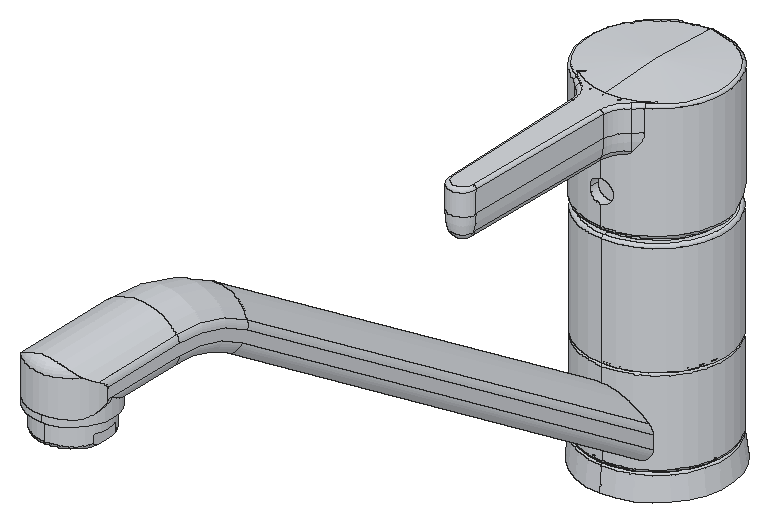
Revit family "Faucet-Kitchen-KOHLER-Viteo-K-45726A_1", category Plumbing Fixtures, host Face, Revit 2017
Family settings
  Host = Face
  Round Connector Dimension = Use Diameter
  Part Type = Normal
  OmniClass Number = 23.31.11.00
  OmniClass Title = Faucets
  Cut with Voids When Loaded = No
  Shared = No
  Room Calculation Point = No
Parameters (values of type "CP-Polished Chrome")
  Width = 1 119/128"  # constant formula
  WaterSense Certified = 1 = 0  # no
  Waste Water Outlet = "Waste Water Outlet"  # constant formula
  Waste Connection = 1 = 0  # no
  Vent Connection = 1 = 0  # no
  URL = "https://www.kohlerasiapacific.com"
  Type = 1
  Spout Reach = 9 27/32"  # constant formula
  Product Page URL = ""
  Product Name = "Viteo"  # constant formula
  Product Documentation Link = ""
  Pressure = 0.00 psi
  Model = "K-45726A-4-CP"  # constant formula
  Material = "Premium Metal Construction"  # constant formula
  Master Format 2014 Name = "Residential Faucets, Supplies, and Trim"  # constant formula
  Master Format 2014 = "22 41 39"  # constant formula
  Manufacturer Address = "No. 158 Jiang Chang San Road, Zhabei District, Shanghai, China"  # constant formula
  Manufacturer = "KOHLER Co."  # constant formula
  Length = Spout Reach  # 9 27/32"
  Hot Water Inlet = "Hot Water Inlet"  # constant formula
  Height = 5 191/256"  # constant formula
  Handle Clearance = 3 29/64"  # constant formula
  HW Connection = 1 = 1  # yes
  Flow Rate = 0 GPM
  Finish = Kohler-Metal-CP-Polished_Chrome
  Environmental Product Declaration = ""
  Drain Included = 1 = 0  # no
  Description = "Hob Mount Single Lever Mixer"  # constant formula
  Default Elevation = 36"
  Declare Label = ""
  Date Modified = "07/30/2020"  # constant formula
  Date Created = "07/30/2020"  # constant formula
  Copyright = "Copyright KOHLER Co."  # constant formula
  Contact Us = "https://www.kohlerasiapacific.com/contact-us"
  Cold Water Inlet = "Cold Water Inlet"  # constant formula
  CW Connection = 1 = 1  # yes
  Assembly Code = "D2010"
  ADA Compliant = 1 = 0  # no
Reference planes (in)
  plane 1 "Center (Front/Back)": y = 0
  plane 2: z = 0
  plane 3 "Center (Left/Right)": x = 0
  plane 4: y = -9.84375
  plane 5: y = -0.96457
  plane 6: y = -3.45313
  plane 7: y = 0.96457
  plane 8: x = 0.96457
  plane 9: x = 0.38405
  plane 10: x = -0.96512
  plane 11: x = -0.38405
  plane 12: z = 5.74609
  plane 13: z = 4.83622
  plane 14: z = 4.68504
  plane 15: y = -9.29095
  plane 16: y = -10.39409
  plane 17: x = -0.55157
  plane 18: x = 0.55157
Dimensions and locks (in)
  "Height": level to plane 12
  "Handle Clearance": plane 1 "Center (Front/Back)" to plane 6
  "Spout Reach": plane 1 "Center (Front/Back)" to plane 4
  "Width": plane 10 to plane 8
  aligned and locked: plane 2 to host face
  aligned and locked: level to host face
Automatic sketch dimensions
  host sketch curve to host sketch curve = 96"  (x2)
Nested families (in)
  nested 1: "K-45726A" at (0, 0, 0), type "K-45726A"
Connectors (in)
  piping at (-0.38405, 0, 0), diameter 0.5, driven by "Flow Rate", driven by "HW Connection", driven by "Hot Water Inlet"
    settings: on nested 1, index 1, connector inside diameter 24", connector length 0", flow factor 0, pipe flow 0 GPM, pressure drop 0.00 psi, fitting loss kfactor 0, connector angle 0.00°, fixture units 0, engagement length 0", angle of deflection 0.00°, flow configuration 0, flow direction 1, fitting loss method 0, system type 19, joint type 0, gender type 0, connector reference index -1, connector utility 1, adjustable connector no, is connector primary yes, connector description "Hot Water Inlet"
  piping at (0.38405, 0, 0), diameter 0.5, driven by "Flow Rate", driven by "Cold Water Inlet", driven by "CW Connection"
    settings: on nested 1, index 2, connector inside diameter 24", connector length 0", flow factor 0, pipe flow 0 GPM, pressure drop 0.00 psi, fitting loss kfactor 0, connector angle 0.00°, fixture units 0, engagement length 0", angle of deflection 0.00°, flow configuration 0, flow direction 1, fitting loss method 0, system type 20, joint type 0, gender type 0, connector reference index -1, connector utility 1, adjustable connector no, is connector primary no, connector description "Cold Water Inlet"
Definition of nested family "K-45726A"
  Parameters (values of type "K-45726A")
    Material = none
  Reference planes (in)
    plane 1 "Center (Front/Back)": y = 0
    plane 2: z = 0
    plane 3 "Center (Left/Right)": x = 0
    plane 4: z = 4.68504
    plane 5: z = 5.74803
    plane 6: y = -9.84252
    plane 7: y = 0.96457
    plane 8: y = -0.96457
    plane 9: x = -0.96457
    plane 10: x = 0.96457
    plane 11: y = -3.45445
    plane 12: z = 4.83622
    plane 13: y = -10.39409
    plane 14: y = -9.29095
    plane 15: x = -0.38405
    plane 16: x = 0.38405
    plane 17: x = 0.55157
    plane 18: x = -0.55157
  Forms (in)
    Revolve 1, solid, material <- "Material", detail levels medium+fine
      sketch origin (0, 0, 0) x (0, 1, 0) y (0, 0, 1)
        loop
          line (0, 3.59843) -> (0, 0) -> (0.96457, 0) -> (0.92781, 0.31109)
          arc (0.92781, 0.31109) -> (0.9205, 0.3251) -> (0.90573, 0.33071) r 0.02223
          line (0.90573, 0.33071) -> (0.84927, 0.33071) -> (0.87358, 0.35039) -> (0.90445, 0.35039)
          arc (0.90445, 0.35039) -> (0.91913, 0.35647) -> (0.92521, 0.37115) r 0.02076
          line (0.92521, 0.37115) -> (0.92521, 1.51111)
          arc (0.92521, 1.51111) -> (0.91924, 1.52552) -> (0.90482, 1.5315) r 0.02039
          line (0.90482, 1.5315) -> (0.86925, 1.5315) -> (0.89445, 1.55118) -> (0.92521, 1.55118) -> (0.92521, 3.04724)
          arc (0.92521, 3.04724) -> (0.91368, 3.07508) -> (0.88584, 3.08661) r 0.03937
          line (0.88584, 3.08661) -> (0.81393, 3.08661)
          arc (0.81393, 3.08661) -> (0.77162, 3.34934) -> (0.64544, 3.58363) r 0.7996
          arc (0.64544, 3.58363) -> (0.63202, 3.59453) -> (0.61519, 3.59843) r 0.03833
          line (0.61519, 3.59843) -> (0, 3.59843)
        axis (0, 0) -> (0, 3.59843)
      angle from 0 to 360
    Revolve 2, solid, material <- "Material", detail levels medium+fine
      sketch origin (0, 0, 0) x (0, 1, 0) y (0, 0, 1)
        loop
          line (0, 4.83623) -> (0, 3.16445) -> (0.89698, 3.16445)
          arc (0.89698, 3.16445) -> (0.92482, 3.17598) -> (0.93635, 3.20382) r 0.03937
          line (0.93635, 3.20382) -> (0.93635, 4.74324)
          arc (0.93635, 4.74324) -> (0.9271, 4.7677) -> (0.90398, 4.77992) r 0.03696
          arc (0.90398, 4.77992) -> (0.45286, 4.82214) -> (0, 4.83623) r 7.28384
        axis (0, 3.16445) -> (0, 4.83623)
      angle from 0 to 360
    Extrusion 3, void
      sketch origin (0, 0, 0) x (0, 1, 0) y (0, 0, 1)
        loop
          line (0.99787, 3.58873) -> (0.19141, 3.22967)
          arc (0.19141, 3.22967) -> (0.0414, 3.18093) -> (-0.11546, 3.16445) r 0.75447
          line (-0.11546, 3.16445) -> (-0.50523, 3.16445) -> (-0.50523, 3.10507) -> (0.99787, 3.10507) -> (0.99787, 3.58873)
      from -1.27764 to 1.49885
    Sweep 4, solid, material <- "Material", detail levels medium+fine
      path origin (0, 0, 0) x (1, 0, 0) y (0, 1, 0)
        loop
          arc (-0.56397, -0.69573) -> (-0.47327, -0.8059) -> (-0.36642, -0.90048) r 0.90676
          arc (-0.36642, -0.90048) -> (-0.26096, -1.02613) -> (-0.22123, -1.18529) r 0.36479
          line (-0.22123, -1.18529) -> (-0.18394, -3.27376)
          arc (-0.18394, -3.27376) -> (0, -3.45445) -> (0.18394, -3.27376) r 0.18397
          line (0.18394, -3.27376) -> (0.22123, -1.18529)
          arc (0.22123, -1.18529) -> (0.26096, -1.02613) -> (0.36642, -0.90048) r 0.36479
          arc (0.36642, -0.90048) -> (0.47327, -0.8059) -> (0.56397, -0.69573) r 0.90676
      profile origin (0, -3.45445, 0) x (0, 1, 0) y (0, 0, 1)
        loop
          line (0, 4.73805) -> (0, 4.44614)
          arc (0, 4.44614) -> (0.00734, 4.33027) -> (0.02923, 4.21626) r 0.91855
          arc (0.02923, 4.21626) -> (0.06691, 4.15905) -> (0.13172, 4.13689) r 0.10586
          line (0.13172, 4.13689) -> (0.18384, 4.13689) -> (0.18384, 4.78303) -> (0.04497, 4.78303)
          arc (0.04497, 4.78303) -> (0.01317, 4.76985) -> (0, 4.73805) r 0.04497
    Extrusion 5, solid, material <- "Material", detail levels medium+fine
      sketch origin (0, 0, 0) x (1, 0, 0) y (0, 1, 0)
        loop
          arc (0.03742, -1.18201) -> (0.09718, -0.94264) -> (0.25579, -0.75366) r 0.54862
          line (0.25579, -0.75366) -> (-0.25579, -0.75366)
          arc (-0.25579, -0.75366) -> (-0.09718, -0.94264) -> (-0.03742, -1.18201) r 0.54862
          line (-0.03742, -1.18201) -> (0, -3.27778) -> (0.03742, -1.18201)
      from 4.13689 to 4.78303
    Sweep 6, solid, material <- "Material", detail levels medium+fine
      path origin (0, 0, 0) x (0, 1, 0) y (0, 0, 1)
        loop
          line (-0.28293, 0.91521) -> (-7.40835, 5.36767)
          arc (-7.40835, 5.36767) -> (-8.04487, 5.65106) -> (-8.73484, 5.74803) r 2.50319
          line (-8.73484, 5.74803) -> (-10.44038, 5.74803)
      profile origin (0, -8.73484, 5.74803) x (0, 0, -1) y (1, 0, 0)
        loop
          arc (0.49606, -0.54503) -> (0.60742, -0.4989) -> (0.65354, -0.38755) r 0.15748
          line (0.65354, -0.38755) -> (0.65354, 0.38755)
          arc (0.65354, 0.38755) -> (0.60742, 0.4989) -> (0.49606, 0.54503) r 0.15748
          line (0.49606, 0.54503) -> (0.34577, 0.54503)
          arc (0.34577, 0.54503) -> (0.29427, 0.53637) -> (0.24844, 0.51135) r 0.15748
          arc (0.24844, 0.51135) -> (0, 0) -> (0.24844, -0.51135) r 0.65047
          arc (0.24844, -0.51135) -> (0.29427, -0.53637) -> (0.34577, -0.54503) r 0.15748
          line (0.34577, -0.54503) -> (0.49606, -0.54503)
    Revolve 7, solid, material <- "Material", detail levels medium+fine
      sketch origin (0, 0, 0) x (0, 1, 0) y (0, 0, 1)
        loop
          line (-9.84252, 5.30899) -> (-10.3864, 5.30899) -> (-10.3864, 4.99606) -> (-10.31445, 4.99606) -> (-10.31445, 4.72441)
          arc (-10.31445, 4.72441) -> (-10.30292, 4.69657) -> (-10.27508, 4.68504) r 0.03937
          line (-10.27508, 4.68504) -> (-10.2376, 4.68504) -> (-10.2376, 4.96827) -> (-10.19252, 4.96827) -> (-10.19252, 4.76134) -> (-9.84252, 4.76134) -> (-9.84252, 5.30899)
        axis (-9.84252, 4.68504) -> (-9.84252, 5.30899)
      angle from 0 to 360
    Revolve 8, void
      sketch origin (0, 0, 0) x (0, 1, 0) y (0, 0, 1)
        loop
          line (-10.2366, 5.75726) -> (-10.7874, 5.75726) -> (-10.7874, 5.04626) -> (-10.39409, 5.04626) -> (-10.39409, 5.59055)
          arc (-10.39409, 5.59055) -> (-10.34849, 5.70522) -> (-10.2366, 5.75726) r 0.16698
        axis (-9.84252, 5.04626) -> (-9.84252, 5.75726)
      angle from 90 to -90
    Extrusion 9, void
      sketch origin (0, 0, 0) x (1, 0, 0) y (0, 0, 1)
        loop
          line (-0.43402, 4.84387) -> (-0.52148, 4.84387) -> (-0.52148, 4.66479) -> (-0.43402, 4.66479) -> (-0.43402, 4.84387)
        loop
          line (0.43402, 4.84387) -> (0.43402, 4.66479) -> (0.52148, 4.66479) -> (0.52148, 4.84387) -> (0.43402, 4.84387)
      from 9.65591 to 10.02913
    Extrusion 10, solid, material <- "Material", detail levels medium+fine
      sketch origin (0, 0, 0) x (1, 0, 0) y (0, 1, 0)
        loop
          circle (-0.38405, 0) r 0.11811
        loop
          circle (0.38405, 0) r 0.11811
      from 0 to 0.11811
    Extrusion 11, solid, material <- "Material", detail levels coarse
      sketch origin (0, 0, 0) x (1, 0, 0) y (0, 1, 0)
        loop
          circle (0, 0) r 0.98425
      from 0 to 4.83622
    Extrusion 12, solid, material <- "Material", detail levels coarse
      sketch origin (0, 0, 0) x (1, 0, 0) y (0, 1, 0)
        loop
          line (-0.22123, -1.18529) -> (-0.18394, -3.27376)
          arc (-0.18394, -3.27376) -> (0, -3.45445) -> (0.18394, -3.27376) r 0.18397
          line (0.18394, -3.27376) -> (0.22123, -1.18529)
          arc (0.22123, -1.18529) -> (0.28744, -0.86807) -> (0.46547, -0.59729) r 0.86733
          line (0.46547, -0.59729) -> (-0.46547, -0.59729)
          arc (-0.46547, -0.59729) -> (-0.28744, -0.86807) -> (-0.22123, -1.18529) r 0.86733
      from 4.13689 to 4.83622
    Extrusion 13, solid, material <- "Material", detail levels coarse
      sketch origin (0, 0, 0) x (0, 1, 0) y (0, 0, 1)
        loop
          line (-7.75259, 4.81216) -> (-0.55916, 0.3172) -> (-0.55916, 1.08782) -> (-7.40835, 5.36767)
          arc (-7.40835, 5.36767) -> (-8.04487, 5.65106) -> (-8.73484, 5.74803) r 2.50319
          line (-8.73484, 5.74803) -> (-10.39409, 5.74803) -> (-10.39409, 5.09381) -> (-8.73484, 5.09381)
          arc (-8.73484, 5.09381) -> (-8.22392, 5.02201) -> (-7.75259, 4.81216) r 1.85358
      from -0.55118 to 0.55118
    Extrusion 14, solid, material <- "Material", detail levels coarse
      sketch origin (0, 0, 0) x (1, 0, 0) y (0, 1, 0)
        loop
          circle (0, -9.84252) r 0.54388
      from 4.68504 to 5.32342
    Extrusion 15, void
      sketch origin (0, 0, -0.203) x (1, 0, 0) y (0, 0, 1)
        loop
          circle (0, 3.83414) r 0.15748
      from 0.80319 to 1.03392
  Cuts and joins
    joined: Sweep 4, Extrusion 5
    Extrusion 3, Extrusion 15 cuts Revolve 2
    Revolve 8 cuts Sweep 6
    Extrusion 9 cuts Revolve 7
    joined: Revolve 1, Revolve 2, Sweep 6, Revolve 7
    joined: Extrusion 11, Extrusion 12, Extrusion 13, Extrusion 14
  Lines and regions (in)
    Masking region 1
      outline origin (0, 0, 0) x (0, 1, 0) y (0, 0, 1)
        loop
          arc (0.81393, 3.08661) -> (0.79123, 3.28189) -> (0.72157, 3.46572) r 0.7996
          line (0.72157, 3.46572) -> (0.93635, 3.56135) -> (0.93635, 4.74324)
          arc (0.93635, 4.74324) -> (0.9271, 4.7677) -> (0.90398, 4.77992) r 0.03696
          arc (0.90398, 4.77992) -> (0.01271, 4.83622) -> (-0.87875, 4.78303) r 7.28384
          line (-0.87875, 4.78303) -> (-3.40947, 4.78303)
          arc (-3.40947, 4.78303) -> (-3.44127, 4.76985) -> (-3.45445, 4.73805) r 0.04497
          line (-3.45445, 4.73805) -> (-3.45445, 4.44614)
          arc (-3.45445, 4.44614) -> (-3.44711, 4.33027) -> (-3.42521, 4.21626) r 0.91855
          arc (-3.42521, 4.21626) -> (-3.38754, 4.15905) -> (-3.32273, 4.13689) r 0.10586
          line (-3.32273, 4.13689) -> (-1.1786, 4.13689)
          arc (-1.1786, 4.13689) -> (-1.00731, 4.06594) -> (-0.93635, 3.89464) r 0.24225
          line (-0.93635, 3.89464) -> (-0.93635, 3.78862)
          arc (-0.93635, 3.78862) -> (-0.92301, 3.63115) -> (-0.93635, 3.47368) r 0.9359
          line (-0.93635, 3.47368) -> (-0.93635, 3.20698)
          arc (-0.93635, 3.20698) -> (-0.9239, 3.1769) -> (-0.89382, 3.16445) r 0.04253
          line (-0.89382, 3.16445) -> (-0.81072, 3.16445)
          arc (-0.81072, 3.16445) -> (-0.81327, 3.12557) -> (-0.81393, 3.08661) r 0.7996
          line (-0.81393, 3.08661) -> (-0.88584, 3.08661)
          arc (-0.88584, 3.08661) -> (-0.91368, 3.07508) -> (-0.92521, 3.04724) r 0.03937
          line (-0.92521, 3.04724) -> (-0.92521, 1.55118) -> (-0.89445, 1.55118) -> (-0.86925, 1.5315) -> (-0.90482, 1.5315)
          arc (-0.90482, 1.5315) -> (-0.91924, 1.52552) -> (-0.92521, 1.51111) r 0.02039
          line (-0.92521, 1.51111) -> (-0.92521, 1.31655) -> (-7.40835, 5.36767)
          arc (-7.40835, 5.36767) -> (-8.04487, 5.65106) -> (-8.73484, 5.74803) r 2.50319
          line (-8.73484, 5.74803) -> (-10.28406, 5.74803)
          arc (-10.28406, 5.74803) -> (-10.36132, 5.69179) -> (-10.39409, 5.60202) r 0.1639
          line (-10.39409, 5.60202) -> (-10.39409, 4.99606) -> (-10.31445, 4.99606) -> (-10.31445, 4.72441)
          arc (-10.31445, 4.72441) -> (-10.30292, 4.69657) -> (-10.27508, 4.68504) r 0.03937
          line (-10.27508, 4.68504) -> (-9.40996, 4.68504)
          arc (-9.40996, 4.68504) -> (-9.38212, 4.69657) -> (-9.37059, 4.72441) r 0.03937
          line (-9.37059, 4.72441) -> (-9.37059, 4.99606) -> (-9.29095, 4.99606) -> (-9.29095, 5.09381) -> (-8.73484, 5.09381)
          arc (-8.73484, 5.09381) -> (-8.22392, 5.02201) -> (-7.75259, 4.81216) r 1.85358
          line (-7.75259, 4.81216) -> (-0.92521, 0.54594) -> (-0.92521, 0.37115)
          arc (-0.92521, 0.37115) -> (-0.91913, 0.35647) -> (-0.90445, 0.35039) r 0.02076
          line (-0.90445, 0.35039) -> (-0.87358, 0.35039) -> (-0.84927, 0.33071) -> (-0.90573, 0.33071)
          arc (-0.90573, 0.33071) -> (-0.9205, 0.3251) -> (-0.92781, 0.31109) r 0.02223
          line (-0.92781, 0.31109) -> (-0.96457, 0) -> (0.96457, 0) -> (0.92781, 0.31109)
          arc (0.92781, 0.31109) -> (0.9205, 0.3251) -> (0.90573, 0.33071) r 0.02223
          line (0.90573, 0.33071) -> (0.84927, 0.33071) -> (0.87358, 0.35039) -> (0.90445, 0.35039)
          arc (0.90445, 0.35039) -> (0.91913, 0.35647) -> (0.92521, 0.37115) r 0.02076
          line (0.92521, 0.37115) -> (0.92521, 1.51111)
          arc (0.92521, 1.51111) -> (0.91924, 1.52552) -> (0.90482, 1.5315) r 0.02039
          line (0.90482, 1.5315) -> (0.86925, 1.5315) -> (0.89445, 1.55118) -> (0.92521, 1.55118) -> (0.92521, 3.04724)
          arc (0.92521, 3.04724) -> (0.91368, 3.07508) -> (0.88584, 3.08661) r 0.03937
          line (0.88584, 3.08661) -> (0.81393, 3.08661)
    Masking region 2
      outline origin (0, 0, 0) x (1, 0, 0) y (0, 1, 0)
        loop
          arc (0.55157, -0.79131) -> (0, 0.96457) -> (-0.55157, -0.79131) r 0.96457
          line (-0.55157, -0.79131) -> (-0.55157, -9.84252)
          arc (-0.55157, -9.84252) -> (0, -10.39409) -> (0.55157, -9.84252) r 0.55157
          line (0.55157, -9.84252) -> (0.55157, -0.79131)
    Masking region 3
      outline origin (0, 0, 0) x (1, 0, 0) y (0, 0, 1)
        loop
          line (-0.89445, 1.55118) -> (-0.86925, 1.5315) -> (-0.90482, 1.5315)
          arc (-0.90482, 1.5315) -> (-0.91924, 1.52552) -> (-0.92521, 1.51111) r 0.02039
          line (-0.92521, 1.51111) -> (-0.92521, 0.37115)
          arc (-0.92521, 0.37115) -> (-0.91913, 0.35647) -> (-0.90445, 0.35039) r 0.02076
          line (-0.90445, 0.35039) -> (-0.87358, 0.35039) -> (-0.84927, 0.33071) -> (-0.90573, 0.33071)
          arc (-0.90573, 0.33071) -> (-0.9205, 0.3251) -> (-0.92781, 0.31109) r 0.02223
          line (-0.92781, 0.31109) -> (-0.96457, 0) -> (0.96457, 0) -> (0.92781, 0.31109)
          arc (0.92781, 0.31109) -> (0.9205, 0.3251) -> (0.90573, 0.33071) r 0.02223
          line (0.90573, 0.33071) -> (0.84927, 0.33071) -> (0.87358, 0.35039) -> (0.90445, 0.35039)
          arc (0.90445, 0.35039) -> (0.91913, 0.35647) -> (0.92521, 0.37115) r 0.02076
          line (0.92521, 0.37115) -> (0.92521, 1.51111)
          arc (0.92521, 1.51111) -> (0.91924, 1.52552) -> (0.90482, 1.5315) r 0.02039
          line (0.90482, 1.5315) -> (0.86925, 1.5315) -> (0.89445, 1.55118) -> (0.92521, 1.55118) -> (0.92521, 3.04724)
          arc (0.92521, 3.04724) -> (0.91368, 3.07508) -> (0.88584, 3.08661) r 0.03937
          line (0.88584, 3.08661) -> (0.81393, 3.08661)
          arc (0.81393, 3.08661) -> (0.81327, 3.12557) -> (0.81072, 3.16445) r 0.7996
          line (0.81072, 3.16445) -> (0.89382, 3.16445)
          arc (0.89382, 3.16445) -> (0.9239, 3.1769) -> (0.93635, 3.20698) r 0.04253
          line (0.93635, 3.20698) -> (0.93635, 4.74324)
          arc (0.93635, 4.74324) -> (0.9271, 4.7677) -> (0.90398, 4.77992) r 0.03696
          arc (0.90398, 4.77992) -> (0.72473, 4.80009) -> (0.54503, 4.81581) r 7.28384
          line (0.54503, 4.81581) -> (0.54503, 5.40226)
          arc (0.54503, 5.40226) -> (0.53637, 5.45376) -> (0.51135, 5.4996) r 0.15748
          arc (0.51135, 5.4996) -> (0, 5.74803) -> (-0.51135, 5.4996) r 0.65047
          arc (-0.51135, 5.4996) -> (-0.53637, 5.45376) -> (-0.54503, 5.40226) r 0.15748
          line (-0.54503, 5.40226) -> (-0.54503, 4.81581)
          arc (-0.54503, 4.81581) -> (-0.72473, 4.80009) -> (-0.90398, 4.77992) r 7.28384
          arc (-0.90398, 4.77992) -> (-0.9271, 4.7677) -> (-0.93635, 4.74324) r 0.03696
          line (-0.93635, 4.74324) -> (-0.93635, 3.20698)
          arc (-0.93635, 3.20698) -> (-0.9239, 3.1769) -> (-0.89382, 3.16445) r 0.04253
          line (-0.89382, 3.16445) -> (-0.81072, 3.16445)
          arc (-0.81072, 3.16445) -> (-0.81327, 3.12557) -> (-0.81393, 3.08661) r 0.7996
          line (-0.81393, 3.08661) -> (-0.88584, 3.08661)
          arc (-0.88584, 3.08661) -> (-0.91368, 3.07508) -> (-0.92521, 3.04724) r 0.03937
          line (-0.92521, 3.04724) -> (-0.92521, 1.55118) -> (-0.89445, 1.55118)
    symbolic lines, detail levels medium+fine
      curve 1: line (0, 0.81393, 3.08661) -> (0, -0.81393, 3.08661)
      curve 2: line (0, 0.19141, 3.22967) -> (0, 0.72157, 3.46572)
      curve 3: arc (0, 0.19141, 3.22967) -> (0, 0.0414, 3.18093) -> (0, -0.11546, 3.16445) r 0.75447
      curve 4: line (0, -0.11546, 3.16445) -> (0, -0.81072, 3.16445)
      curve 5: line (0, 0.89445, 1.55118) -> (0, -0.89445, 1.55118)
      curve 6: line (0, 0.86925, 1.5315) -> (0, -0.86925, 1.5315)
      curve 7: line (0, 0.84927, 0.33071) -> (0, -0.84927, 0.33071)
      curve 8: line (0, 0.87358, 0.35039) -> (0, -0.87358, 0.35039)
      curve 9: line (0, -0.92521, 1.31655) -> (0, -0.77178, 0.92909)
      curve 10: spline (0, -0.74763, 0.79906) -> (0, -0.74817, 0.81058) -> (0, -0.74898, 0.82205) -> (0, -0.75006, 0.83346) -> (0, -0.75143, 0.84477) -> (0, -0.75306, 0.85597) -> (0, -0.75497, 0.86702) -> (0, -0.75714, 0.87791) -> (0, -0.75957, 0.88861) -> (0, -0.76225, 0.8991) -> (0, -0.76519, 0.90936) -> (0, -0.76837, 0.91936) -> (0, -0.77178, 0.92909)
      curve 11: line (0, -0.74763, 0.79906) -> (0, -0.74763, 0.61749)
      curve 12: spline (0, -0.83978, 0.4941) -> (0, -0.83102, 0.48799) -> (0, -0.82165, 0.48526) -> (0, -0.81192, 0.48597) -> (0, -0.80208, 0.49012) -> (0, -0.79239, 0.49758) -> (0, -0.78309, 0.50818) -> (0, -0.77443, 0.52163) -> (0, -0.76663, 0.53759) -> (0, -0.75989, 0.55564) -> (0, -0.75439, 0.57532) -> (0, -0.75027, 0.59611) -> (0, -0.74763, 0.61749)
      curve 13: line (0, -0.92521, 0.54594) -> (0, -0.83951, 0.49238)
      curve 14: line (0, -9.37059, 4.99606) -> (0, -10.31445, 4.99606)
      curve 15: line (0, -9.29095, 5.09381) -> (0, -9.4458, 5.09381)
      curve 16: line (0, -9.65721, 4.84387) -> (0, -10.02783, 4.84387)
      curve 17: line (0, -9.65721, 4.72441) -> (0, -9.65721, 4.84387)
      curve 18: line (0, -10.02783, 4.84387) -> (0, -10.02783, 4.72441)
      curve 19: line (0, -10.02783, 4.72441) -> (0, -9.65721, 4.72441)
      curve 20: line (0, -9.37059, 4.72441) -> (0, -9.65721, 4.72441)
      curve 21: line (0, -10.31445, 4.72441) -> (0, -10.02783, 4.72441)
      curve 22: line (-0.22123, -1.18529, 0) -> (-0.18394, -3.27376, 0)
      curve 23: arc (-0.36642, -0.90048, 0) -> (-0.26096, -1.02613, 0) -> (-0.22123, -1.18529, 0) r 0.36479
      curve 24: line (0.22123, -1.18529, 0) -> (0.18394, -3.27376, 0)
      curve 25: arc (0.36642, -0.90048, 0) -> (0.26096, -1.02613, 0) -> (0.22123, -1.18529, 0) r 0.36479
      curve 26: arc (-0.18394, -3.27376, 0) -> (0, -3.45445, 0) -> (0.18394, -3.27376, 0) r 0.18397
      curve 27: arc (0.58868, -0.73053, 0) -> (0, 0.9382, 0) -> (-0.58868, -0.73053, 0) r 0.9382
      curve 28: arc (-0.58868, -0.73053, 0) -> (-0.47785, -0.81589, 0) -> (-0.36642, -0.90048, 0) r 19.8634
      curve 29: arc (0.58868, -0.73053, 0) -> (0.47785, -0.81589, 0) -> (0.36642, -0.90048, 0) r 19.8634
      curve 30: line (-0.55157, -0.79131, 0) -> (-0.55157, -0.75925, 0)
      curve 31: line (0.55157, -0.79131, 0) -> (0.55157, -0.75925, 0)
      curve 32: line (-0.43402, 0, 4.68509) -> (-0.43402, 0, 4.84387)
      curve 33: line (0.47193, 0, 4.84387) -> (-0.47193, 0, 4.84387)
      curve 34: line (-0.47193, 0, 4.84387) -> (-0.47193, 0, 4.99606)
      curve 35: line (-0.43402, 0, 4.72441) -> (0.43402, 0, 4.72441)
      curve 36: line (-0.54503, 0, 4.81581) -> (-0.54503, 0, 0.63358)
      curve 37: spline (-0.54503, 0, 0.63358) -> (-0.5454, 0, 0.612) -> (-0.54279, 0, 0.59061) -> (-0.53728, 0, 0.56996) -> (-0.529, 0, 0.55058) -> (-0.51817, 0, 0.53298) -> (-0.50507, 0, 0.51761) -> (-0.49004, 0, 0.50487) -> (-0.47347, 0, 0.4951) -> (-0.45579, 0, 0.48854) -> (-0.43746, 0, 0.48536) -> (-0.41894, 0, 0.48565) -> (-0.40073, 0, 0.4894)
      curve 38: spline (-0.40057, 0, 0.48886) -> (-0.3699, 0, 0.49774) -> (-0.33853, 0, 0.50592) -> (-0.30653, 0, 0.51336) -> (-0.27395, 0, 0.52007) -> (-0.24085, 0, 0.52603) -> (-0.2073, 0, 0.53122) -> (-0.17336, 0, 0.53564) -> (-0.13909, 0, 0.53928) -> (-0.10455, 0, 0.54213) -> (-0.06981, 0, 0.54419) -> (-0.03494, 0, 0.54545) -> (0, 0, 0.54591)
      curve 39: spline (0, 0, 0.54591) -> (0.03482, 0, 0.54545) -> (0.06957, 0, 0.5442) -> (0.10419, 0, 0.54215) -> (0.13861, 0, 0.53932) -> (0.17277, 0, 0.53571) -> (0.2066, 0, 0.53132) -> (0.24005, 0, 0.52616) -> (0.27304, 0, 0.52025) -> (0.30553, 0, 0.51358) -> (0.33744, 0, 0.50618) -> (0.36872, 0, 0.49807) -> (0.39932, 0, 0.48924)
      curve 40: spline (0.39952, 0, 0.48991) -> (0.41833, 0, 0.48592) -> (0.43733, 0, 0.48526) -> (0.45604, 0, 0.48796) -> (0.474, 0, 0.49394) -> (0.49075, 0, 0.50305) -> (0.50587, 0, 0.51506) -> (0.51898, 0, 0.52967) -> (0.52975, 0, 0.54652) -> (0.53791, 0, 0.56518) -> (0.54325, 0, 0.58518) -> (0.54565, 0, 0.60601) -> (0.54503, 0, 0.62716)
      curve 41: line (0.54503, 0, 4.81581) -> (0.54503, 0, 0.62716)
      curve 42: line (-0.43402, 0, 4.68509) -> (0.43402, 0, 4.68509)
      curve 43: line (-0.54503, 0, 4.99606) -> (0.54503, 0, 4.99606)
      curve 44: line (0.43402, 0, 4.68509) -> (0.43402, 0, 4.84387)
      curve 45: line (0.47193, 0, 4.84387) -> (0.47193, 0, 4.99606)
      curve 46: line (-0.81072, 0, 3.16445) -> (-0.54503, 0, 3.16445)
      curve 47: line (-0.81393, 0, 3.08661) -> (-0.54503, 0, 3.08661)
      curve 48: line (-0.89445, 0, 1.55118) -> (-0.54503, 0, 1.55118)
      curve 49: line (-0.86925, 0, 1.5315) -> (-0.54503, 0, 1.5315)
      curve 50: line (-0.87358, 0, 0.35039) -> (0.87358, 0, 0.35039)
      curve 51: line (-0.84927, 0, 0.33071) -> (0.84927, 0, 0.33071)
      curve 52: line (0.81072, 0, 3.16445) -> (0.54503, 0, 3.16445)
      curve 53: line (0.81393, 0, 3.08661) -> (0.54503, 0, 3.08661)
      curve 54: line (0.89445, 0, 1.55118) -> (0.54503, 0, 1.55118)
      curve 55: line (0.86925, 0, 1.5315) -> (0.54503, 0, 1.5315)
  Dimensions and locks (in)
    locked: plane 4 to level at 4.68504
    locked: plane 5 to level at 5.74803
    locked: plane 1 "Center (Front/Back)" to plane 6 at 9.84252
    aligned and locked: plane 2 to level
